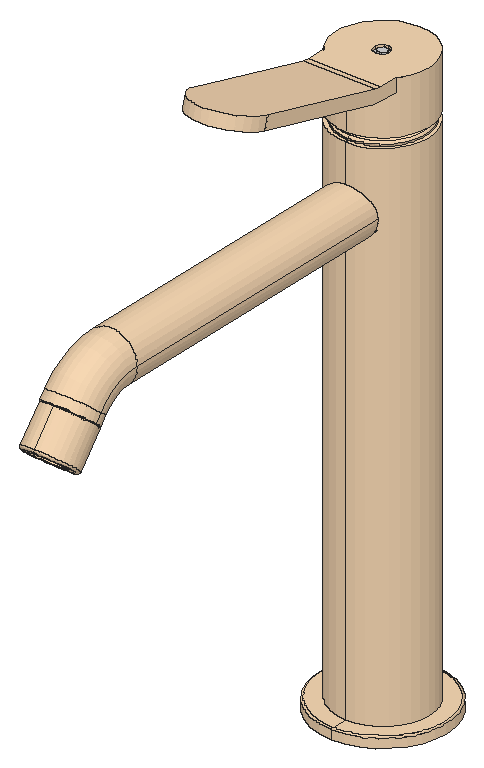
Revit family "Faucet-Lavatory-KALLISTA-Aileron-P33352", category Plumbing Fixtures, host Face, Revit 2021
Family settings
  Host = Face
  Round Connector Dimension = Use Diameter
  Part Type = Normal
  OmniClass Number = 23.31.11.00
  OmniClass Title = Faucets
  Cut with Voids When Loaded = No
  Shared = No
  Room Calculation Point = No
Parameters (values of type "2MB-Brushed Brass")
  Width = 1.94882"  # constant formula
  WaterSense Certified = 1 = 0  # no
  Waste Water Outlet = "Waste Water Outlet"  # constant formula
  Waste Connection = 1 = 0  # no
  Vent Connection = 1 = 0  # no
  URL = "https://www.kallista.com/"
  Type = 1
  Tempered Water Inlet = "Tempered Water Inlet"  # constant formula
  Spout Reach = Length  # 6.36614"
  Product Page URL = ""
  Product Name = "Aileron"  # constant formula
  Product Documentation Link = ""
  Pressure = 4.50 psi  # constant formula
  Model = if(Type = 1, "P33352-LV-2MB", if(Type = 2, "P33352-LV-BGP", if(Type = 3, "P33352-LV-BL", if(Type = 4, "P33352-LV-BLH", if(Type = 5, "P33352-BN", if(Type = 6, "P33352-LV-CP", "NA"))))))  # "P33352-LV-2MB"
  Material = "Premium Metal Construction"  # constant formula
  Master Format 2014 Name = "Residential Faucets, Supplies, and Trim"  # constant formula
  Master Format 2014 = "22 41 39"  # constant formula
  Manufacturer Address = "444 Highland Dr, Kohler, WI 53044"  # constant formula
  Manufacturer = "Kallista Co."  # constant formula
  Length = 6.36614"  # constant formula
  Hot Water Inlet = "Hot Water Inlet"  # constant formula
  Height = 9.68898"  # constant formula
  Handle Clearance = 3.46311"  # constant formula
  HW Connection = 1 = 1  # yes
  Flow Rate = 1.2 GPM  # constant formula
  Finish = Kallista-Metal-2MB- Brushed_Brass
  Environmental Product Declaration = ""
  Drain Included = 1 = 1  # yes
  Description = "Single Control Faucet Standard"  # constant formula
  Default Elevation = 36"
  Declare Label = ""
  Date Modified = "10/23/2024"  # constant formula
  Date Created = "10/23/2024"  # constant formula
  Copyright = "Copyright Kohler Co."  # constant formula
  Contact Us = "https://www.kallista.com/corporate/contact-us/"
  Cold Water Inlet = "Cold Water Inlet"  # constant formula
  CW Connection = 1 = 0  # no
  Assembly Code = "D2010"
  ADA Compliant = 1 = 0  # no
Types (7): name | Type | Model | Finish
  (no name) | 1 | "P33352-LV-2MB" | Kallista-Metal-2MB- Brushed_Brass
  2MB-Brushed Brass | 1 | "P33352-LV-2MB" | Kallista-Metal-2MB- Brushed_Brass
  BGP-Brushed Graphite | 2 | "P33352-LV-BGP" | Kallista-Metal-BGP-Brushed_Graphite
  BL-Matte Black | 3 | "P33352-LV-BL" | Kallista-Metal-BL-Matte_Black
  BLH-Blush Brass | 4 | "P33352-LV-BLH" | Kallista-Metal-BLH-Blush_Brass
  BN-Brushed Nickel | 5 | "P33352-BN" | Kallista-Metal-BN-Brushed_Nickel
  CP-Chrome | 6 | "P33352-LV-CP" | Kallista-Metal-CP-Chrome
Reference planes (in)
  plane 1 "Center (Front/Back)": y = 0
  plane 2: z = 0
  plane 3 "Center (Left/Right)": x = 0
  plane 4: z = 9.68898
  plane 5: x = 0.70866
  plane 6: x = -0.70866
  plane 7: x = 0.97441
  plane 8: x = -0.97441
  plane 9: z = 6.14961
  plane 10: x = -0.3937
  plane 11: x = 0.3937
  plane 12: x = -0.3937
  plane 13: through (0, -6.64434, 6.42271) normal (0, 0.766, -0.6428)
  plane 14: z = 7.46234
  plane 15: through (0, -6.64434, 5.19773) normal (0, 0.766, -0.6428)
  plane 16: through (0, -6.64434, 5.81022) normal (0, 0.766, -0.6428)
  plane 17: z = 7.06864
  plane 18: y = 0.70866
  plane 19: y = -0.70866
  plane 20: y = 0.97441
  plane 21: y = -0.97441
  plane 22: z = 6.67494
  plane 23: y = -6.6437
  plane 24: y = -6.36614
  plane 25: y = -3.46311
  plane 26: x = 0.29181
  plane 27: x = -0.29048
Dimensions and locks (in)
  level to plane 9 = 6.14961"
  "Height": level to plane 4
  plane 1 "Center (Front/Back)" to plane 23 = 6.6437"
  plane 20 to plane 21 = 1.94882"
  plane 8 to plane 7 = 1.94882"
  plane 4 to level = 9.68898"
  plane 6 to plane 5 = 1.41732"
  plane 20 to plane 23 = 7.61811"
  "Width": plane 8 to plane 7
  plane 12 to plane 11 = 0.7874"
  plane 23 to plane 1 "Center (Front/Back)" = 6.6437"  (x2)
  level to plane 4 = 9.68898"
  level to plane 17 = 7.06864"
  plane 23 to plane 20 = 7.61811"
  plane 19 to plane 18 = 1.41732"
  plane 21 to plane 20 = 1.94882"
  "Length": plane 1 "Center (Front/Back)" to plane 24
  "Handle Clearance": plane 1 "Center (Front/Back)" to plane 25
  aligned and locked: plane 2 to host face
  aligned and locked: level to host face
  aligned and locked: plane 3 "Center (Left/Right)" to nested 1
  aligned and locked: plane 1 "Center (Front/Back)" to nested 1
Automatic sketch dimensions
  host sketch curve to host sketch curve = 96"  (x2)
Nested families (in)
  nested 1: "P33352" at (0, 0, 2.75591), type "P33352"
Connectors (in)
  piping at (-0.29048, 0, 0), diameter 0.5, driven by "Flow Rate", driven by "Pressure", driven by "HW Connection", driven by "Hot Water Inlet"
    settings: on nested 1, index 1, connector inside diameter 24", connector length 0", flow factor 0, pipe flow 1.2 GPM, pressure drop 4.50 psi, fitting loss kfactor 0, connector angle 0.00°, fixture units 0, engagement length 0", angle of deflection 0.00°, flow configuration 1, flow direction 1, fitting loss method 4, system type 19, joint type 0, gender type 0, connector reference index -1, connector utility 1, adjustable connector no, is connector primary yes, connector description "Hot Water Inlet"
  piping at (0.29048, 0, 0), diameter 0.5, driven by "Flow Rate", driven by "Pressure", driven by "CW Connection", driven by "Cold Water Inlet"
    settings: on nested 1, index 2, connector inside diameter 24", connector length 0", flow factor 0, pipe flow 1.2 GPM, pressure drop 4.50 psi, fitting loss kfactor 0, connector angle 0.00°, fixture units 0, engagement length 0", angle of deflection 0.00°, flow configuration 1, flow direction 1, fitting loss method 4, system type 20, joint type 0, gender type 0, connector reference index -1, connector utility 0, adjustable connector no, is connector primary no, connector description "Cold Water Inlet"
Definition of nested family "P33352"
  Parameters
    Material = none
    Default Elevation = 0"
  Reference planes (in)
    plane 1 "Center (Front/Back)": y = 0
    plane 2: z = 0
    plane 3 "Center (Left/Right)": x = 0
    plane 4: y = 0.70866
    plane 5: y = -0.70866
    plane 6: y = 0.97441
    plane 7: y = -0.97441
    plane 8: y = -6.36614
    plane 9: z = 3.3937
    plane 10: y = -3.59843
    plane 11: z = 6.93307
    plane 12: through (0, -5.96083, 3.86889) normal (0, -0.766, 0.6428)
    plane 13: z = 4.70644
    plane 14: z = 3.91903
    plane 15: through (0, -2.1177, 7.83646) normal (0, -0.766, 0.6428)
    plane 16: through (0, -2.72088, 8.3426) normal (0, -0.766, 0.6428)
    plane 17: x = -0.70866
    plane 18: x = 0.70866
    plane 19: x = -0.97441
    plane 20: x = 0.97441
    plane 21: y = -6.6437
    plane 22: x = 0.3937
    plane 23: x = -0.3937
    plane 24: z = 4.31274
    plane 25: through (0, -2.41961, 6.563) normal (0, 0.266, 0.964)
    plane 26 "SW": through (0, -0.87033, 6.05252) normal (0, 0.2594, 0.9658)
    plane 27 "S": z = 5.67552
    plane 28 "AA": through (0, -6.13627, 3.20892) normal (0, -0.5299, -0.848)
    plane 29: y = -3.4631
    plane 30: z = -2.75591
    plane 31: x = -0.29048
    plane 32: x = 0.29181
  Forms (in)
    Revolve 1, solid, material <- "Material", detail levels medium+fine
      sketch origin (0, 0, 0) x (0, 1, 0) y (0, 0, 1)
        loop
          line (0, -2.59827) -> (0, -2.75591) -> (0.97441, -2.75591) -> (0.97441, -2.61836)
          arc (0.97441, -2.61836) -> (0.96853, -2.60415) -> (0.95432, -2.59827) r 0.02009
          line (0.95432, -2.59827) -> (0, -2.59827)
        axis (0, -2.75591) -> (0, -2.59827)
      angle from 0 to 360
    Revolve 2, solid, material <- "Material", detail levels medium+fine
      sketch origin (0, 0, 0) x (0, 1, 0) y (0, 0, 1)
        loop
          line (0.70866, 5.27546) -> (0, 5.27546) -> (0, -2.64015) -> (0.70866, -2.64015) -> (0.70866, 5.27546)
        axis (0, -2.64015) -> (0, 5.27546)
      angle from 0 to 360
    Sweep 3, solid, material <- "Material", detail levels medium+fine
      path origin (0, 0, 0) x (0, 1, 0) y (0, 0, 1)
        loop
          line (-0.47549, 4.31274) -> (-5.16615, 4.31274)
          arc (-5.16615, 4.31274) -> (-5.54884, 4.2279) -> (-5.85981, 3.98928) r 0.90551
          line (-5.85981, 3.98928) -> (-5.95267, 3.87861)
      profile origin (0, -0.47549, 4.31274) x (0, 0, -1) y (1, 0, 0)
        loop
          circle (0.00197, 0) r 0.3937
    Revolve 4, solid, material <- "Material", detail levels medium+fine
      sketch origin (0, 0, 0) x (0, 1, 0) y (0, 0, 1)
        loop
          line (0, 5.61794) -> (0, 5.27546) -> (0.6392, 5.27546)
          arc (0.6392, 5.27546) -> (0.65443, 5.28296) -> (0.65777, 5.29961) r 0.01921
          arc (0.65777, 5.29961) -> (0.64851, 5.32097) -> (0.6334, 5.33869) r 0.07853
          line (0.6334, 5.33869) -> (0.46603, 5.48418)
          arc (0.46603, 5.48418) -> (0.24783, 5.60269) -> (0, 5.61794) r 0.57394
        axis (0, 5.27546) -> (0, 5.61794)
      angle from 0 to 360
    Revolve 5, solid, material <- "Material"
      sketch origin (0, 0, 0) x (0, 1, 0) y (0, 0, 1)
        loop
          line (0.70866, 6.22916) -> (0, 6.22916) -> (0, 5.42183) -> (0.70866, 5.42183) -> (0.70866, 6.22916)
        axis (0, 5.42183) -> (0, 6.22916)
      angle from 0 to 360
    Sweep 6, solid, material <- "Material"
      path origin (0, 0, 0) x (0, 1, 0) y (0, 0, 1)
        loop
          line (0.9826, 6.03231) -> (-0.71716, 6.03231)
          arc (-0.71716, 6.03231) -> (-0.79441, 6.03738) -> (-0.87033, 6.05252) r 0.59055
          line (-0.87033, 6.05252) -> (-3.72204, 6.81837)
      profile origin (0, 0.9826, 6.03231) x (0, 0, -1) y (1, 0, 0)
        loop
          line (-0.19685, 0.55088) -> (-0.19685, -0.55088) -> (0, -0.55088) -> (0, 0.55088) -> (-0.19685, 0.55088)
    Extrusion 7, void
      sketch origin (0, 0, 0) x (1, 0, 0) y (0, 1, 0)
        loop
          line (0.55088, -0.96613) -> (1.33828, -0.96613) -> (1.33828, 1.39607) -> (-1.33828, 1.39607) -> (-1.33828, -0.96613) -> (-0.55088, -0.96613) -> (-0.55088, 0.01194)
          arc (-0.55088, 0.01194) -> (0, 0.56282) -> (0.55088, 0.01194) r 0.55088
          line (0.55088, 0.01194) -> (0.55088, -0.96613)
      from 5.71618 to 6.89508
    Extrusion 8, void
      sketch origin (0, 1.38924, 5.44569) x (0, 0.965778, -0.259369) y (-1, 0, 0)
        loop
          arc (-4.4782, -0.55088) -> (-5.02908, 0) -> (-4.4782, 0.55088) r 0.55088
          line (-4.4782, 0.55088) -> (-3.8213, 0.55088) -> (-3.8213, 1.04127) -> (-5.59295, 1.04127) -> (-5.59295, -1.04127) -> (-3.8213, -1.04127) -> (-3.8213, -0.55088) -> (-4.4782, -0.55088)
      from -0.2244 to 0.56947
    Extrusion 9, void
      sketch origin (0, 0, 0) x (1, 0, 0) y (0, 1, 0)
        loop
          circle (0, 0) r 0.17104
      from 5.67606 to 7.87443
    Extrusion 10, void
      sketch origin (0, 0, 0) x (1, 0, 0) y (0, 1, 0)
        loop
          circle (0, -0.0123) r 0.11811
      from 6.19565 to 6.85676
    Revolve 11, solid, material <- "Material", detail levels medium+fine
      sketch origin (0, -1.43307, 0) x (0, 1, 0) y (0, 0, 1)
        loop
          line (-4.50779, 3.87861) -> (-4.79084, 4.11612) -> (-4.82549, 4.11247) -> (-5.18987, 3.67823)
          arc (-5.18987, 3.67823) -> (-5.19886, 3.64969) -> (-5.18505, 3.62315) r 0.0391
          line (-5.18505, 3.62315) -> (-4.91341, 3.39522) -> (-4.50779, 3.87861)
        axis (-4.91341, 3.39522) -> (-4.50779, 3.87861)
      angle from 0 to 360
    Revolve 12, void
      sketch origin (0, -1.43307, 0) x (0, 1, 0) y (0, 0, 1)
        loop
          line (-4.55614, 3.82099) -> (-5.01573, 3.27327) -> (-4.80398, 3.09559) -> (-4.34439, 3.6433) -> (-4.55614, 3.82099)
        axis (-5.01573, 3.27327) -> (-4.55614, 3.82099)
      angle from 0 to 360
    Revolve 13, void
      sketch origin (0, 0, 0) x (0, 1, 0) y (0, 0, 1)
        loop
          line (-0.12891, 5.67552) -> (0.74142, 5.67552) -> (0.74142, 5.78574) -> (-0.12891, 5.78574) -> (-0.12891, 5.67552)
        axis (-0.12891, 5.67552) -> (0.74142, 5.67552)
      angle from 0 to 360
    Revolve 14, solid, detail levels medium+fine
      sketch origin (0, 0, 0) x (0, 1, 0) y (0, 0, 1)
        loop
          line (-0.12688, 5.67552) -> (0.17206, 5.67552) -> (0.17206, 5.77995) -> (-0.12688, 5.77995) -> (-0.12688, 5.67552)
        axis (-0.12688, 5.67552) -> (0.17206, 5.67552)
      angle from 0 to 360
    Extrusion 15, void
      sketch origin (0, 0, 0) x (1, 0, 0) y (0, 0, 1)
        loop
          line (-0.01525, 5.63517) -> (0.02991, 5.64727) -> (0.04201, 5.69243) -> (0.00895, 5.72549) -> (-0.03621, 5.71339) -> (-0.04831, 5.66823) -> (-0.01525, 5.63517)
      from -0.17206 to 0.22053
    Extrusion 16, solid, detail levels medium+fine
      sketch origin (0, 0, 0) x (1, 0, 0) y (0, 1, 0)
        loop
          line (0.07548, -0.00615) -> (0.03774, 0.05922) -> (-0.03774, 0.05922) -> (-0.07548, -0.00615) -> (-0.03774, -0.07152) -> (0.03774, -0.07152) -> (0.07548, -0.00615)
      from 6.19565 to 6.22916
    Revolve 17, solid, detail levels medium+fine
      sketch origin (0, -1.44488, 0) x (0, 1, 0) y (0, 0, 1)
        loop
          line (-4.55614, 3.82099) -> (-4.87748, 3.43803) -> (-4.63685, 3.23612) -> (-4.31551, 3.61907) -> (-4.55614, 3.82099)
        axis (-4.87748, 3.43803) -> (-4.55614, 3.82099)
      angle from 0 to 360
    Extrusion 18, void
      sketch origin (0, -0.11414, -0.55413) x (0, -0.848048, 0.529919) y (-1, 0, 0)
        loop
          circle (7.54244, 0.18396) r 0.03937
        loop
          circle (7.54244, 0.077) r 0.03937
        loop
          circle (7.43216, 0.14068) r 0.03937
        loop
          circle (7.57067, -0.05714) r 0.03937
        loop
          circle (7.4577, -0.05714) r 0.03937
        loop
          circle (7.49043, -0.17927) r 0.03937
        loop
          circle (7.22089, 0.077) r 0.03937
        loop
          circle (7.33118, 0.09146) r 0.03937
        loop
          circle (7.21727, -0.05714) r 0.03937
        loop
          circle (7.30563, -0.05714) r 0.03937
        loop
          circle (7.27291, -0.17927) r 0.03937
        loop
          circle (7.30125, 0.18396) r 0.03937
      from -0.41651 to 0.37209
    Revolve 19, solid, material <- "Material", detail levels coarse
      sketch origin (0, 0, 0) x (0, 1, 0) y (0, 0, 1)
        loop
          line (0.97441, -2.59918) -> (0.70866, -2.59918) -> (0.70866, 5.27398) -> (0, 5.27398) -> (0, -2.75591) -> (0.97441, -2.75591) -> (0.97441, -2.59918)
        axis (0, -2.75591) -> (0, 5.27398)
      angle from 0 to 360
    Sweep 20, solid, material <- "Material", detail levels coarse
      path origin (0, 0, 0) x (0, 1, 0) y (0, 0, 1)
        loop
          line (0, 4.31274) -> (-4.93404, 4.31274)
          arc (-4.93404, 4.31274) -> (-5.51639, 4.18363) -> (-5.98961, 3.82051) r 1.37795
          line (-5.98961, 3.82051) -> (-6.34633, 3.3954)
      profile origin (0, 0, 4.31274) x (0, 0, -1) y (1, 0, 0)
        loop
          circle (0.00197, 0) r 0.3937
    Revolve 21, solid, material <- "Material", detail levels coarse
      sketch origin (0, 0, 0) x (0, 1, 0) y (0, 0, 1)
        loop
          line (0, 5.47405) -> (-0.45685, 5.47405) -> (-0.65692, 5.27398) -> (0, 5.27398) -> (0, 5.47405)
        axis (0, 5.47405) -> (0, 5.27398)
      angle from 0 to 360
    Extrusion 22, solid, material <- "Material", detail levels medium+fine
      sketch origin (0, 0, 0) x (1, 0, 0) y (0, 1, 0)
        loop
          circle (-0.29048, 0) r 0.03937
        loop
          circle (0.29048, 0) r 0.03937
      from -2.75591 to -2.71857
  Cuts and joins
    Extrusion 10, Revolve 13 cuts Revolve 5
    Extrusion 7, Extrusion 8, Extrusion 9 cuts Sweep 6
    joined: Revolve 5, Sweep 6
    Extrusion 15 cuts Revolve 14
    Revolve 12 cuts Revolve 11
    Extrusion 18 cuts Revolve 17
  Lines and regions (in)
    Masking region 1
      outline origin (0, 0, 0) x (1, 0, 0) y (0, 1, 0)
        loop
          arc (0.55088, -0.80375) -> (0, 0.97441) -> (-0.55088, -0.80375) r 0.97441
          line (-0.55088, -0.80375) -> (-0.55088, -2.93571)
          arc (-0.55088, -2.93571) -> (-0.50996, -3.13699) -> (-0.3937, -3.30633) r 0.51556
          line (-0.3937, -3.30633) -> (-0.3937, -6.36614)
          arc (-0.3937, -6.36614) -> (-0.35812, -6.46357) -> (-0.2899, -6.54169) r 0.28371
          arc (-0.2899, -6.54169) -> (0.00538, -6.64434) -> (0.30065, -6.54169) r 0.47601
          arc (0.30065, -6.54169) -> (0.36562, -6.46369) -> (0.3937, -6.36614) r 0.2468
          line (0.3937, -6.36614) -> (0.3937, -3.31041)
          arc (0.3937, -3.31041) -> (0.50999, -3.13887) -> (0.55088, -2.93571) r 0.52523
          line (0.55088, -2.93571) -> (0.55088, -0.80375)
    Masking region 2
      outline origin (0, 0, 0) x (1, 0, 0) y (0, 0, 1)
        loop
          line (-0.70866, 6.22916) -> (-0.70866, 5.42183) -> (-0.53545, 5.42183) -> (-0.63872, 5.33518)
          arc (-0.63872, 5.33518) -> (-0.65927, 5.3084) -> (-0.66657, 5.27546) r 0.07796
          line (-0.66657, 5.27546) -> (-0.70866, 5.27546) -> (-0.70866, -2.59849) -> (-0.95472, -2.59849)
          arc (-0.95472, -2.59849) -> (-0.96864, -2.60426) -> (-0.97441, -2.61818) r 0.01969
          line (-0.97441, -2.61818) -> (-0.97441, -2.75591) -> (0.97441, -2.75591) -> (0.97441, -2.61818)
          arc (0.97441, -2.61818) -> (0.96864, -2.60426) -> (0.95472, -2.59849) r 0.01969
          line (0.95472, -2.59849) -> (0.70866, -2.59849) -> (0.70866, 5.27546) -> (0.66657, 5.27546)
          arc (0.66657, 5.27546) -> (0.65927, 5.3084) -> (0.63872, 5.33518) r 0.07796
          line (0.63872, 5.33518) -> (0.53545, 5.42183) -> (0.70866, 5.42183) -> (0.70866, 6.22916) -> (0.55088, 6.22916) -> (0.55088, 6.79731)
          arc (0.55088, 6.79731) -> (0.4125, 6.87163) -> (0.26128, 6.91409) r 0.71815
          arc (0.26128, 6.91409) -> (0.00525, 6.93384) -> (-0.25033, 6.90888) r 1.47495
          arc (-0.25033, 6.90888) -> (-0.40539, 6.86597) -> (-0.55088, 6.79731) r 0.94222
          line (-0.55088, 6.79731) -> (-0.55088, 6.22916) -> (-0.70866, 6.22916)
    Masking region 3
      outline origin (0, 0, 0) x (0, 1, 0) y (0, 0, 1)
        loop
          line (0.70866, 6.22916) -> (-0.71716, 6.22916)
          arc (-0.71716, 6.22916) -> (-0.76866, 6.23254) -> (-0.81927, 6.24263) r 0.3937
          line (-0.81927, 6.24263) -> (-3.38927, 6.93283)
          arc (-3.38927, 6.93283) -> (-3.4108, 6.93001) -> (-3.42404, 6.91278) r 0.02838
          line (-3.42404, 6.91278) -> (-3.4624, 6.76994)
          arc (-3.4624, 6.76994) -> (-3.46035, 6.75433) -> (-3.44787, 6.74474) r 0.02056
          line (-3.44787, 6.74474) -> (-0.87033, 6.05252)
          arc (-0.87033, 6.05252) -> (-0.79019, 6.03684) -> (-0.70866, 6.03237) r 0.59055
          line (-0.70866, 6.03237) -> (-0.70866, 5.42183) -> (-0.53886, 5.42183) -> (-0.63722, 5.33633)
          arc (-0.63722, 5.33633) -> (-0.65624, 5.30877) -> (-0.65965, 5.27546) r 0.06738
          line (-0.65965, 5.27546) -> (-0.70866, 5.27546) -> (-0.70866, 4.70644) -> (-5.22123, 4.70644)
          arc (-5.22123, 4.70644) -> (-5.72038, 4.59578) -> (-6.126, 4.28453) r 1.1811
          line (-6.126, 4.28453) -> (-6.63112, 3.68256)
          arc (-6.63112, 3.68256) -> (-6.64142, 3.64989) -> (-6.6256, 3.61951) r 0.04475
          line (-6.6256, 3.61951) -> (-6.08705, 3.16761)
          arc (-6.08705, 3.16761) -> (-6.05813, 3.15849) -> (-6.03124, 3.17249) r 0.03961
          line (-6.03124, 3.17249) -> (-5.56295, 3.73057)
          arc (-5.56295, 3.73057) -> (-5.38176, 3.8696) -> (-5.15879, 3.91903) r 0.5276
          line (-5.15879, 3.91903) -> (-0.70866, 3.91903) -> (-0.70866, -2.59918) -> (-0.95472, -2.59918)
          arc (-0.95472, -2.59918) -> (-0.96864, -2.60494) -> (-0.97441, -2.61886) r 0.01969
          line (-0.97441, -2.61886) -> (-0.97441, -2.75591) -> (0.97441, -2.75591) -> (0.97441, -2.61886)
          arc (0.97441, -2.61886) -> (0.96864, -2.60494) -> (0.95472, -2.59918) r 0.01969
          line (0.95472, -2.59918) -> (0.70866, -2.59918) -> (0.70866, 5.27546) -> (0.65965, 5.27546)
          arc (0.65965, 5.27546) -> (0.65624, 5.30877) -> (0.63722, 5.33633) r 0.06738
          line (0.63722, 5.33633) -> (0.53886, 5.42183) -> (0.70866, 5.42183) -> (0.70866, 6.22916)
    symbolic lines, detail levels medium+fine
      curve 1: circle (0, 0, 0) r 0.70866 normal (0, 0, 1)
      curve 2: circle (0, 0, 0) r 0.49073 normal (0, 0, 1)
      curve 3: circle (0, 0, 0) r 0.3937 normal (0, 0, 1)
      curve 4: circle (0, 0, 0) r 0.17104 normal (0, 0, 1)
      curve 5: line (0.05593, 0, 0) -> (0.02797, 0.04844, 0)
      curve 6: line (0.02797, 0.04844, 0) -> (-0.02797, 0.04844, 0)
      curve 7: line (-0.02797, 0.04844, 0) -> (-0.05593, 0, 0)
      curve 8: line (-0.05593, 0, 0) -> (-0.02797, -0.04844, 0)
      curve 9: line (-0.02797, -0.04844, 0) -> (0.02797, -0.04844, 0)
      curve 10: line (0.02797, -0.04844, 0) -> (0.05593, 0, 0)
      curve 11: circle (0, 0, 0) r 0.54475 normal (0, 0, 1)
      curve 12: line (-0.56519, -0.79374, 0) -> (0.56519, -0.79374, 0)
      curve 13: line (-0.55122, -0.81877, 0) -> (0.55164, -0.81877, 0)
      curve 14: arc (-0.3937, -6.03611, 0) -> (0, -6.24684, 0) -> (0.3937, -6.03611, 0) r 0.47314
      curve 15: arc (-0.55088, -2.93571, 0) -> (0, -3.3835, 0) -> (0.55088, -2.93571, 0) r 0.56274
      curve 16: arc (-0.3937, -3.30633, 0) -> (0, -3.46846, 0) -> (0.3937, -3.30633, 0) r 0.55909
      curve 17: line (-0.3937, -3.96837, 0) -> (0.3937, -3.96837, 0)
      curve 18: arc (-0.3937, -6.09498, 0) -> (0, -6.29809, 0) -> (0.3937, -6.09498, 0) r 0.48312
      curve 19: line (-0.37083, -6.12463, 0) -> (0.13179, -6.62725, 0)
      curve 20: line (-0.11405, -6.28444, 0) -> (0.20293, -6.60141, 0)
      curve 21: line (0, -6.29809, 0) -> (0.26755, -6.56564, 0)
      curve 22: line (0.08886, -6.28985, 0) -> (0.32186, -6.52284, 0)
      curve 23: line (0.17584, -6.26495, 0) -> (0.36562, -6.46369, 0)
      curve 24: line (0.2333, -6.23803, 0) -> (0.38943, -6.39417, 0)
      curve 25: line (0.29243, -6.19954, 0) -> (0.39194, -6.29905, 0)
      curve 26: line (0.33778, -6.16038, 0) -> (0.3937, -6.2163, 0)
      curve 27: line (-0.3937, -6.16929, 0) -> (0.03007, -6.6437, 0)
      curve 28: line (-0.3937, -6.26563, 0) -> (-0.05598, -6.6437, 0)
      curve 29: line (-0.3937, -6.36614, 0) -> (-0.13743, -6.62242, 0)
      curve 30: line (-0.3937, -6.36614, 0) -> (-0.22048, -6.24485, 0)
      curve 31: line (-0.38194, -6.41217, 0) -> (-0.17317, -6.26599, 0)
      curve 32: line (-0.35812, -6.46357, 0) -> (-0.06972, -6.29303, 0)
      curve 33: line (-0.31683, -6.51744, 0) -> (0.06057, -6.29428, 0)
      curve 34: line (-0.23531, -6.57901, 0) -> (0.26831, -6.21709, 0)
      curve 35: line (-0.13743, -6.62242, 0) -> (0.3937, -6.17675, 0)
      curve 36: line (0.00538, -6.64434, 0) -> (0.39194, -6.29905, 0)
      curve 37: line (0.10346, -6.63413, 0) -> (0.38943, -6.39417, 0)
      curve 38: line (-0.3937, -6.31076, 0) -> (-0.25216, -6.22706, 0)
      curve 39: line (-0.3937, -6.26563, 0) -> (-0.29073, -6.20474, 0)
      curve 40: line (-0.3937, -6.19757, 0) -> (-0.33514, -6.16294, 0)
      curve 41: line (-0.2545, 0.66138, 0) -> (0.56631, 0.42602, 0)
      curve 42: line (-0.05639, 0.70641, 0) -> (0.47935, 0.52195, 0)
      curve 43: line (-0.36611, 0.60677, 0) -> (-0.10008, 0.53548, 0)
      curve 44: line (-0.44213, 0.55383, 0) -> (-0.25011, 0.48394, 0)
      curve 45: line (-0.58439, 0.40086, 0) -> (0, 0.70866, 0)
      curve 46: line (-0.65027, 0.2817, 0) -> (0.17836, 0.68585, 0)
      curve 47: line (0.11094, 0.53334, 0) -> (0.29956, 0.64224, 0)
      curve 48: line (0.26708, 0.47479, 0) -> (0.42584, 0.56645, 0)
      curve 49: line (0.3937, 0.37651, 0) -> (0.60037, 0.37651, 0)
      curve 50: line (-0.69318, 0.14732, 0) -> (-0.46934, 0.27655, 0)
      curve 51: line (-0.70598, 0.0616, 0) -> (-0.51739, 0.17048, 0)
      curve 52: line (-0.70866, 0, 0) -> (-0.53898, 0.07912, 0)
      curve 53: line (-0.70218, -0.09559, 0) -> (-0.54475, 0, 0)
      curve 54: line (-0.6828, -0.18971, 0) -> (-0.5347, -0.10421, 0)
      curve 55: line (-0.69464, -0.14026, 0) -> (-0.54224, -0.05227, 0)
      curve 56: line (-0.5084, 0.49369, 0) -> (-0.31139, 0.44698, 0)
      curve 57: line (-0.3937, 0.37651, 0) -> (-0.58439, 0.40086, 0)
      curve 58: line (-0.62223, 0.33917, 0) -> (-0.45788, 0.29513, 0)
      curve 59: line (-0.65027, 0.2817, 0) -> (-0.49987, 0.21655, 0)
      curve 60: line (-0.67426, 0.21813, 0) -> (-0.52808, 0.13374, 0)
      curve 61: line (-0.69793, 0.12283, 0) -> (-0.53898, 0.07912, 0)
      curve 62: line (-0.70734, 0.04318, 0) -> (-0.54475, 0, 0)
      curve 63: line (-0.70771, -0.03675, 0) -> (-0.54224, -0.05227, 0)
      curve 64: line (-0.70218, -0.09559, 0) -> (-0.52999, -0.12595, 0)
      curve 65: line (0.45404, 0.301, 0) -> (0.64156, 0.301, 0)
      curve 66: line (0.50185, 0.2119, 0) -> (0.67624, 0.2119, 0)
      curve 67: line (0.53857, 0.08182, 0) -> (0.70392, 0.08182, 0)
      curve 68: line (0.5239, 0.14928, 0) -> (0.69276, 0.14928, 0)
      curve 69: line (0.54475, 0, 0) -> (0.70866, 0, 0)
      curve 70: line (0.53857, -0.08182, 0) -> (0.70392, -0.08182, 0)
      curve 71: line (0.52465, -0.14664, 0) -> (0.69332, -0.14664, 0)
      curve 72: line (0.50471, -0.205, 0) -> (0.67836, -0.205, 0)
      curve 73: line (0.4739, -0.26866, 0) -> (0.65576, -0.26866, 0)
      curve 74: line (0.42715, -0.33808, 0) -> (0.62282, -0.33808, 0)
      curve 75: line (0.3937, -0.37651, 0) -> (0.60037, -0.37651, 0)
      curve 76: line (0.34145, -0.42446, 0) -> (0.56748, -0.42446, 0)
      curve 77: line (0.25814, -0.47971, 0) -> (0.52161, -0.47971, 0)
      curve 78: line (0.33036, 0.43315, 0) -> (0.64156, 0.301, 0)
      curve 79: line (0.45404, 0.301, 0) -> (0.69276, 0.14928, 0)
      curve 80: line (0.5239, 0.14928, 0) -> (0.70781, -0.03463, 0)
      curve 81: line (0.54475, 0, 0) -> (0.68395, -0.13919, 0)
      curve 82: line (0.52606, -0.1415, 0) -> (0.64645, -0.2619, 0)
      curve 83: line (-0.66527, -0.24417, 0) -> (-0.5114, -0.1877, 0)
      curve 84: line (-0.6249, -0.33422, 0) -> (-0.48037, -0.25692, 0)
      curve 85: line (-0.57524, -0.41388, 0) -> (-0.45734, -0.29598, 0)
      curve 86: line (-0.42594, -0.33961, 0) -> (-0.5424, -0.45607, 0)
      curve 87: line (-0.3937, -0.37651, 0) -> (-0.50962, -0.49243, 0)
      curve 88: line (-0.32684, -0.43581, 0) -> (-0.44365, -0.55261, 0)
      curve 89: line (-0.2465, -0.48579, 0) -> (-0.36696, -0.60625, 0)
      curve 90: line (-0.14208, -0.5259, 0) -> (-0.27099, -0.6548, 0)
      curve 91: line (-0.19602, -0.50826, 0) -> (-0.30309, -0.61534, 0)
      curve 92: line (-0.08904, -0.53743, 0) -> (-0.17521, -0.68666, 0)
      curve 93: line (0.19052, -0.51035, 0) -> (0.44121, -0.55455, 0)
      curve 94: line (0.32971, -0.62729, 0) -> (0.08473, -0.53813, 0)
      curve 95: line (0.17552, -0.68658, 0) -> (0.03271, -0.54377, 0)
      curve 96: line (0, -0.70866, 0) -> (-0.0444, -0.54294, 0)
      curve 97: line (0.06989, -0.70521, 0) -> (0, -0.54475, 0)
      curve 98: line (-0.09907, -0.7017, 0) -> (-0.07701, -0.54542, 0)
      curve 99: line (0.50471, -0.205, 0) -> (0.61729, -0.31758, 0)
      curve 100: line (0.4739, -0.26866, 0) -> (0.55088, -0.4458, 0)
      curve 101: line (0.3937, -0.37651, 0) -> (0.44121, -0.55455, 0)
      curve 102: line (0.25814, -0.47971, 0) -> (0.32971, -0.62729, 0)
      curve 103: line (0.1554, -0.52212, 0) -> (0.20216, -0.67921, 0)
      curve 104: line (0.03271, -0.54377, 0) -> (0, -0.70866, 0)
      curve 105: line (-0.08904, -0.53743, 0) -> (-0.33225, -0.62595, 0)
      curve 106: line (-0.2465, -0.48579, 0) -> (-0.48614, -0.48579, 0)
      curve 107: line (-0.3937, -0.37651, 0) -> (-0.6192, -0.34467, 0)
      curve 108: line (-0.48037, -0.25692, 0) -> (-0.66045, -0.25692, 0)
      curve 109: line (-0.52999, -0.12595, 0) -> (-0.6249, -0.33422, 0)
      curve 110: arc (-0.3937, 0, 3.91903) -> (0.00146, 0, 4.13174) -> (0.39661, 0, 3.91903) r 0.47341
      curve 111: line (-0.3937, 0, 3.91903) -> (-0.3937, 0, 4.39026)
      curve 112: line (0.39661, 0, 3.91903) -> (0.39661, 0, 4.39026)
      curve 113: arc (-0.3937, 0, 4.39026) -> (0.00146, 0, 4.70644) -> (0.39661, 0, 4.39026) r 0.40502
      curve 114: line (-0.70866, 0, -2.59849) -> (0.70866, 0, -2.59849)
      curve 115: line (-0.97441, 0, -2.61818) -> (0.97441, 0, -2.61818)
      curve 116: line (-0.55088, 0, 6.24455) -> (-0.55088, 0, 6.13976)
      curve 117: line (-0.55088, 0, 6.13976) -> (0.55088, 0, 6.13976)
      curve 118: line (0.55088, 0, 6.13976) -> (0.55088, 0, 6.24263)
      curve 119: line (-0.54119, 0, 5.42183) -> (0.53947, 0, 5.42183)
      curve 120: line (-0.66657, 0, 5.27546) -> (0.66657, 0, 5.27546)
      curve 121: spline (-0.3937, 0, 3.41858) -> (-0.38029, 0, 3.48621) -> (-0.34095, 0, 3.54923) -> (-0.27839, 0, 3.60334) -> (-0.19685, 0, 3.64487) -> (-0.1019, 0, 3.67097) -> (0, 0, 3.67987) -> (0.1019, 0, 3.67097) -> (0.19685, 0, 3.64487) -> (0.27839, 0, 3.60334) -> (0.34095, 0, 3.54923) -> (0.38029, 0, 3.48621) -> (0.3937, 0, 3.41858) -> (0.38029, 0, 3.35096) -> (0.34095, 0, 3.28794) -> (0.27839, 0, 3.23382) -> (0.19685, 0, 3.1923) -> (0.1019, 0, 3.1662) -> (0, 0, 3.1573) -> (-0.1019, 0, 3.1662) -> (-0.19685, 0, 3.1923) -> (-0.27839, 0, 3.23382) -> (-0.34095, 0, 3.28794) -> (-0.38029, 0, 3.35096) -> (-0.3937, 0, 3.41858)
      curve 122: line (-0.3937, 0, 3.41858) -> (-0.3937, 0, 3.91903)
      curve 123: line (0.3937, 0, 3.41858) -> (0.3937, 0, 3.90794)
      curve 124: line (-0.70866, 0, 6.22916) -> (0.70866, 0, 5.42183)
      curve 125: line (-0.42154, 0, 6.14343) -> (0.70866, 0, 5.49966)
      curve 126: line (-0.27848, 0, 6.13976) -> (0.70866, 0, 5.57748)
      curve 127: line (-0.14186, 0, 6.13976) -> (-0.07748, 0, 6.10309)
      curve 128: line (-0.00523, 0, 6.13976) -> (0.70866, 0, 5.73312)
      curve 129: line (0.13139, 0, 6.13976) -> (0.70866, 0, 5.81094)
      curve 130: line (0.26801, 0, 6.13976) -> (0.70866, 0, 5.88876)
      curve 131: line (0.40463, 0, 6.13976) -> (0.70866, 0, 5.96658)
      curve 132: line (0.54125, 0, 6.13976) -> (0.70866, 0, 6.0444)
      curve 133: line (0.55088, 0, 6.2121) -> (0.70866, 0, 6.12223)
      curve 134: line (-0.7118, 0, 6.15288) -> (0.57161, 0, 5.42183)
      curve 135: line (-0.70362, 0, 6.07015) -> (0.43455, 0, 5.42183)
      curve 136: line (-0.70866, 0, 5.99496) -> (0.2975, 0, 5.42183)
      curve 137: line (-0.70866, 0, 5.91689) -> (0.16045, 0, 5.42183)
      curve 138: line (-0.70866, 0, 5.83882) -> (0.0234, 0, 5.42183)
      curve 139: line (-0.70866, 0, 5.76076) -> (-0.11366, 0, 5.42183)
      curve 140: line (-0.70866, 0, 5.68269) -> (-0.25071, 0, 5.42183)
      curve 141: line (-0.70866, 0, 5.60462) -> (-0.38776, 0, 5.42183)
      curve 142: line (-0.70866, 0, 5.51723) -> (-0.54119, 0, 5.42183)
      curve 143: line (-0.70866, 0, 5.42183) -> (0.54649, 0, 6.13678)
      curve 144: line (-0.57182, 0, 5.42183) -> (0.70866, 0, 6.15122)
      curve 145: line (-0.43499, 0, 5.42183) -> (0.70866, 0, 6.07327)
      curve 146: line (-0.29815, 0, 5.42183) -> (0.70866, 0, 5.99533)
      curve 147: line (-0.16131, 0, 5.42183) -> (0.70866, 0, 5.91738)
      curve 148: line (-0.02447, 0, 5.42183) -> (0.70866, 0, 5.83944)
      curve 149: line (0.11237, 0, 5.42183) -> (0.70866, 0, 5.76149)
      curve 150: line (0.24921, 0, 5.42183) -> (0.70866, 0, 5.68355)
      curve 151: line (0.38604, 0, 5.42183) -> (0.70866, 0, 5.6056)
      curve 152: line (0.53947, 0, 5.42183) -> (0.70866, 0, 5.51821)
      curve 153: line (-0.70866, 0, 5.50227) -> (0.41051, 0, 6.13976)
      curve 154: line (-0.70866, 0, 5.5827) -> (0.26931, 0, 6.13976)
      curve 155: line (-0.70866, 0, 5.66313) -> (0.1281, 0, 6.13976)
      curve 156: line (-0.70866, 0, 5.74356) -> (-0.0131, 0, 6.13976)
      curve 157: line (-0.70866, 0, 5.824) -> (-0.15431, 0, 6.13976)
      curve 158: line (-0.70866, 0, 5.90194) -> (-0.29115, 0, 6.13976)
      curve 159: line (-0.70866, 0, 5.97989) -> (-0.42154, 0, 6.14343)
      curve 160: line (-0.70362, 0, 6.07015) -> (-0.55088, 0, 6.15715)
      curve 161: line (-0.7118, 0, 6.15288) -> (-0.55088, 0, 6.22916)
      curve 162: line (0, 0.53886, 5.42183) -> (0, -0.53886, 5.42183)
      curve 163: line (0, 0.65965, 5.27546) -> (0, -0.65965, 5.27546)
      curve 164: line (0, 0.70866, -2.59918) -> (0, -0.70866, -2.59918)
      curve 165: line (0, 0.97441, -2.61886) -> (0, -0.97441, -2.61886)
      curve 166: arc (0, -0.70866, 4.70644) -> (0, -0.60268, 4.31274) -> (0, -0.70866, 3.91903) r 0.78422
      curve 167: line (0, -5.15879, 3.91903) -> (0, -5.15879, 4.70644)
      curve 168: line (0, -5.64957, 3.62427) -> (0, -6.25276, 4.13041)
      curve 169: line (0, -0.69952, 6.03237) -> (0, 0, 6.03237)
      curve 170: line (0, 0, 6.03237) -> (0, 0, 6.22916)
      curve 171: line (0, -5.64957, 3.62427) -> (0, -6.63128, 3.62427)
      curve 172: line (0, -5.7417, 3.70158) -> (0, -6.61516, 3.70158)
      curve 173: line (0, -5.83382, 3.77888) -> (0, -6.5503, 3.77888)
      curve 174: line (0, -5.92595, 3.85618) -> (0, -6.48543, 3.85618)
      curve 175: line (0, -6.01979, 3.93492) -> (0, -6.41936, 3.93492)
      curve 176: line (0, -6.1102, 4.01079) -> (0, -6.3557, 4.01079)
      curve 177: line (0, -5.71597, 3.54822) -> (0, -6.54625, 3.54822)
      curve 178: line (0, -5.77978, 3.47216) -> (0, -6.45442, 3.47216)
      curve 179: line (0, -5.8442, 3.3954) -> (0, -6.36247, 3.3954)
      curve 180: line (0, -5.91027, 3.31666) -> (0, -6.27018, 3.31666)
      curve 181: line (0, -5.97634, 3.23792) -> (0, -6.17083, 3.23792)
      curve 182: line (0, -6.08705, 3.16761) -> (0, -6.25276, 4.13041)
      curve 183: line (0, -6.01291, 3.19434) -> (0, -6.16073, 4.05318)
      curve 184: line (0, -5.94757, 3.2722) -> (0, -6.06869, 3.97596)
      curve 185: line (0, -5.88223, 3.35007) -> (0, -5.97666, 3.89874)
      curve 186: line (0, -5.81689, 3.42794) -> (0, -5.88463, 3.82151)
      curve 187: line (0, -5.75155, 3.50581) -> (0, -5.7926, 3.74429)
      curve 188: line (0, -5.68621, 3.58367) -> (0, -5.70057, 3.66707)
      curve 189: line (0, -6.17908, 3.24483) -> (0, -6.31853, 4.05508)
      curve 190: line (0, -6.27018, 3.31666) -> (0, -6.38387, 3.97722)
      curve 191: line (0, -6.36247, 3.3954) -> (0, -6.44921, 3.89935)
      curve 192: line (0, -6.45442, 3.47216) -> (0, -6.51455, 3.82148)
      curve 193: line (0, -6.54625, 3.54822) -> (0, -6.57989, 3.74362)
      curve 194: line (0, 0.70866, 6.22916) -> (0, -0.70866, 5.42183)
      curve 195: line (0, 0.70866, 6.15176) -> (0, -0.57278, 5.42183)
      curve 196: line (0, 0.70866, 6.15122) -> (0, -0.57182, 5.42183)
      curve 197: line (0, 0.70866, 6.07327) -> (0, -0.43499, 5.42183)
      curve 198: line (0, 0.70866, 5.99533) -> (0, -0.29815, 5.42183)
      curve 199: line (0, 0.70866, 5.91738) -> (0, -0.16131, 5.42183)
      curve 200: line (0, 0.70866, 5.83944) -> (0, -0.02447, 5.42183)
      curve 201: line (0, 0.70866, 5.76149) -> (0, 0.11237, 5.42183)
      curve 202: line (0, 0.70866, 5.68355) -> (0, 0.24921, 5.42183)
      curve 203: line (0, 0.70577, 5.60395) -> (0, 0.38604, 5.42183)
      curve 204: line (0, 0.70866, 5.54186) -> (0, 0.49794, 5.42183)
      curve 205: line (0, 0.70866, 5.45447) -> (0, 0.65137, 5.42183)
      curve 206: line (0, 0.57182, 6.22916) -> (0, -0.70866, 5.49978)
      curve 207: line (0, 0.43499, 6.22916) -> (0, -0.70866, 5.57772)
      curve 208: line (0, 0.70338, 5.42183) -> (0, -0.23676, 6.03237)
      curve 209: line (0, 0.58829, 5.42183) -> (0, -0.35185, 6.03237)
      curve 210: line (0, 0.4724, 5.42183) -> (0, -0.46774, 6.03237)
      curve 211: line (0, 0.35651, 5.42183) -> (0, -0.58363, 6.03237)
      curve 212: line (0, 0.24062, 5.42183) -> (0, -0.69952, 6.03237)
      curve 213: line (0, 0.12474, 5.42183) -> (0, -0.70866, 5.96305)
      curve 214: line (0, 0.00885, 5.42183) -> (0, -0.70866, 5.88779)
      curve 215: line (0, -0.11959, 5.42183) -> (0, -0.70866, 5.80438)
      curve 216: line (0, -0.24802, 5.42183) -> (0, -0.70866, 5.72098)
      curve 217: line (0, -0.37645, 5.42183) -> (0, -0.70866, 5.63758)
      curve 218: line (0, -0.45519, 5.42183) -> (0, -0.70866, 5.58644)
      curve 219: line (0, -0.5966, 5.42183) -> (0, -0.70866, 5.49461)
      curve 220: line (0, 0.70866, 5.51024) -> (0, -0.09535, 6.03237)
      curve 221: line (0, 0.70577, 5.60395) -> (0, 0, 6.06228)
      curve 222: line (0, 0.70866, 5.69391) -> (0, 0, 6.15412)
      curve 223: line (0, 0.70866, 5.78574) -> (0, 0.02586, 6.22916)
      curve 224: line (0, 0.70866, 5.87758) -> (0, 0.16728, 6.22916)
      curve 225: line (0, 0.70866, 5.96942) -> (0, 0.30869, 6.22916)
      curve 226: line (0, 0.70866, 6.06125) -> (0, 0.4501, 6.22916)
      curve 227: line (0, 0.70866, 6.15309) -> (0, 0.59152, 6.22916)
      curve 228: line (-0.3937, 0, 3.91903) -> (0.3937, 0, 3.65918)
      curve 229: line (-0.34146, 0, 3.98471) -> (0.3937, 0, 3.7421)
      curve 230: line (-0.27206, 0, 4.04473) -> (0.3937, 0, 3.82502)
      curve 231: line (-0.17773, 0, 4.09651) -> (0.3937, 0, 3.90794)
      curve 232: line (-0.3937, 0, 3.83612) -> (0.3937, 0, 3.57627)
      curve 233: line (-0.08581, 0, 4.12362) -> (0.34853, 0, 3.98029)
      curve 234: line (-0.3937, 0, 3.76267) -> (-0.12306, 0, 3.67335)
      curve 235: line (-0.3937, 0, 3.66881) -> (-0.2451, 0, 3.61977)
      curve 236: line (-0.3937, 0, 3.59055) -> (-0.32113, 0, 3.5666)
      curve 237: line (0.00146, 0, 4.13174) -> (-0.3937, 0, 3.76267)
      curve 238: line (-0.12783, 0, 4.11374) -> (-0.3937, 0, 3.84787)
      curve 239: line (0.10463, 0, 4.12036) -> (-0.39118, 0, 3.65728)
      curve 240: line (0.18641, 0, 4.09411) -> (-0.3937, 0, 3.514)
      curve 241: line (0.25909, 0, 4.0555) -> (-0.12306, 0, 3.67335)
      curve 242: line (0.30794, 0, 4.01914) -> (-0.03425, 0, 3.67695)
      curve 243: line (0.37515, 0, 3.94897) -> (0.09952, 0, 3.67335)
      curve 244: line (0.3937, 0, 3.85163) -> (0.18666, 0, 3.64459)
      curve 245: line (0.3937, 0, 3.77103) -> (0.24726, 0, 3.62459)
      curve 246: spline (0.55088, 0, 6.6072) -> (0.53211, 0, 6.64418) -> (0.47707, 0, 6.67864) -> (0.38953, 0, 6.70823) -> (0.27544, 0, 6.73093) -> (0.14258, 0, 6.74521) -> (0, 0, 6.75008) -> (-0.14258, 0, 6.74521) -> (-0.27544, 0, 6.73093) -> (-0.38953, 0, 6.70823) -> (-0.47707, 0, 6.67864) -> (-0.53211, 0, 6.64418) -> (-0.55088, 0, 6.6072)
  Dimensions and locks (in)
    aligned and locked: plane 2 to level
    aligned and locked: Revolve 21 sketch curve to Revolve 19
